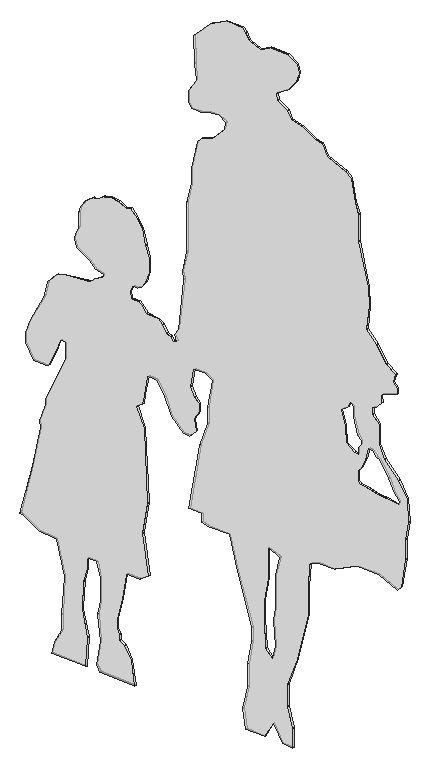
Revit family "Flat Mum and Girl 01", category Entourage, Revit 2015
Parameters
  Flat Material [instance] = none
  Height = 0 mm
Reference planes
  plane 1 "Center (Front/Back)": y = 0
  plane 2: z = 0
  plane 3 "Center (Left/Right)": x = 0
Forms (mm)
  Extrusion 1, solid, material <- "Flat Material"
    sketch origin (0, 0, 0) x (1, 0, 0) y (0, 0, 1)
      loop
        line (-306.618, 0) -> (-301.386, 74.817) -> (-317.111, 137.887) -> (-312.228, 207.716) -> (-303.514, 242.666) -> (-303.514, 268.776) -> (-277.049, 268.776) -> (-267.631, 231) -> (-267.631, 176) -> (-273.708, 141.531) -> (-267.631, 75.604) -> (-278.05, 16.516) -> (-268.514, 0) -> (-172.204, 0) -> (-182.698, 59.516) -> (-200.198, 89.827) -> (-213.73, 97.64) -> (-213.73, 113.265) -> (-220.772, 125.461) -> (-220.772, 147.555) -> (-207.466, 200.922) -> (-195.741, 267.418) -> (-158.718, 267.418) -> (-133.558, 283.757) -> (-150.923, 382.238) -> (-136.713, 462.826) -> (-146.198, 643.813) -> (-167.142, 688.728) -> (-150.369, 699.621) -> (-146.028, 724.241) -> (-137.345, 773.482) -> (-112.345, 773.482) -> (-90.56, 739.935) -> (-71.658, 699.399) -> (-39.838, 667.579) -> (-20.929, 667.579) -> (-3.251, 685.257) -> (-8.461, 714.801) -> (4.039, 736.451) -> (4.039, 756.451) -> (-7.094, 767.585) -> (-18.358, 791.74) -> (-10.544, 836.056) -> (21.931, 836.056) -> (39.969, 825.642) -> (27.814, 756.705) -> (27.814, 716.453) -> (5.582, 655.373) -> (-23.938, 487.955) -> (11.062, 487.955) -> (11.062, 467.955) -> (31.635, 462.826) -> (86.635, 462.826) -> (108.449, 381.417) -> (148.621, 257.78) -> (148.621, 222.78) -> (138.202, 163.692) -> (138.202, 107.659) -> (123.865, 50.157) -> (132.709, 0) -> (183.811, 0) -> (208.26, 42.347) -> (232.709, 0) -> (260.877, 0) -> (260.877, 48.63) -> (247.709, 97.774) -> (247.709, 150.734) -> (273.361, 221.211) -> (303.601, 342.497) -> (303.601, 407.741) -> (307.786, 467.595) -> (330.572, 478.22) -> (375.572, 478.22) -> (439.013, 507.804) -> (499.013, 507.804) -> (548.888, 489.651) -> (559.303, 500.066) -> (572.175, 573.069) -> (572.175, 621.721) -> (579.989, 666.037) -> (575.196, 720.828) -> (552.696, 759.799) -> (513.805, 798.69) -> (499.013, 830.411) -> (499.013, 860.411) -> (499.013, 880.161) -> (481.336, 897.838) -> (481.336, 915.287) -> (491.376, 918.942) -> (505.518, 933.084) -> (503.737, 953.435) -> (548.588, 969.759) -> (548.588, 984.759) -> (537.981, 995.366) -> (543.947, 1017.631) -> (519.677, 1035.264) -> (492.05, 1074.718) -> (465.165, 1101.603) -> (471.437, 1161.275) -> (468.298, 1206.165) -> (442.321, 1310.352) -> (442.321, 1375.352) -> (432.26, 1402.995) -> (422.709, 1457.16) -> (407.024, 1470.321) -> (356.4, 1487.832) -> (342.24, 1515.623) -> (322.544, 1519.096) -> (287.903, 1539.096) -> (256.539, 1544.626) -> (247.459, 1562.446) -> (219.895, 1578.36) -> (217.844, 1595.759) -> (248.155, 1613.259) -> (271.994, 1642.698) -> (279.303, 1666.605) -> (273.863, 1686.909) -> (247.882, 1701.909) -> (200.064, 1701.909) -> (172.323, 1687.774) -> (141.249, 1697.274) -> (132.169, 1715.094) -> (123.074, 1724.189) -> (78.074, 1724.189) -> (35.863, 1702.682) -> (-10.099, 1656.72) -> (-7.757, 1589.652) -> (-4.27, 1549.804) -> (-25.467, 1515.882) -> (-25.467, 1488.31) -> (-17.28, 1474.128) -> (8.969, 1474.128) -> (27.763, 1480.969) -> (59.445, 1483.741) -> (77.966, 1475.104) -> (73.458, 1455.954) -> (39.703, 1422.199) -> (11.512, 1411.938) -> (-0.094, 1400.332) -> (-17.28, 1327.328) -> (-17.28, 1289.633) -> (-29.122, 1239.328) -> (-29.122, 1119.328) -> (-41.61, 1066.281) -> (-37.823, 1048.465) -> (-53.666, 919.434) -> (-63.967, 902.291) -> (-57.627, 888.696) -> (-66.69, 884.47) -> (-73.83, 895.464) -> (-84.461, 899.334) -> (-96.149, 917.33) -> (-107.987, 925.619) -> (-139.188, 928.349) -> (-154.481, 945.942) -> (-161.352, 950.753) -> (-182.456, 950.753) -> (-185.316, 966.972) -> (-178.458, 981.68) -> (-165.275, 981.68) -> (-155.097, 985.587) -> (-141.721, 1004.689) -> (-132.087, 1031.159) -> (-132.087, 1066.159) -> (-142.838, 1094.167) -> (-151.155, 1133.293) -> (-165.013, 1153.084) -> (-183.184, 1171.255) -> (-197.956, 1168.65) -> (-216.75, 1175.491) -> (-237.623, 1179.171) -> (-257.319, 1175.698) -> (-278.417, 1160.925) -> (-287.031, 1160.925) -> (-307.51, 1146.586) -> (-320.594, 1127.899) -> (-326.495, 1111.688) -> (-326.495, 1074.19) -> (-336.191, 1056.698) -> (-338.796, 1041.926) -> (-332.398, 1022.977) -> (-297.413, 1003.584) -> (-279.736, 985.907) -> (-259.098, 982.268) -> (-259.098, 976.809) -> (-284.163, 962.338) -> (-293.752, 952.748) -> (-363.944, 944.13) -> (-386.462, 936.528) -> (-411.091, 911.899) -> (-422.737, 868.432) -> (-459.737, 801.683) -> (-473.181, 764.608) -> (-473.181, 739.934) -> (-451.476, 702.34) -> (-418.884, 702.34) -> (-408.957, 705.691) -> (-385.693, 755.58) -> (-377.142, 779.073) -> (-363.944, 776.745) -> (-363.944, 738.027) -> (-418.884, 620.207) -> (-418.884, 605.207) -> (-435.129, 560.409) -> (-431.5, 545.854) -> (-453.331, 443.149) -> (-488.271, 312.749) -> (-478.271, 312.749) -> (-434.97, 287.749) -> (-387.588, 284.435) -> (-366.66, 200.501) -> (-373.287, 105.732) -> (-373.287, 65.732) -> (-393.287, 31.091) -> (-401.618, 0) -> (-306.618, 0)
      loop
        line (205.664, 201.863) -> (213.248, 232.281) -> (207.17, 294.183) -> (213.248, 328.651) -> (213.248, 408.651) -> (225.344, 457.166) -> (194.027, 468.564) -> (194.027, 393.564) -> (183.877, 336) -> (183.877, 290.85) -> (187.593, 219.934) -> (205.664, 201.863)
      loop
        line (418.537, 903.999) -> (412.04, 890.066) -> (394.719, 880.066) -> (405.072, 841.429) -> (408.516, 802.068) -> (431.659, 785.864) -> (441.659, 785.864) -> (441.659, 802.21) -> (449.742, 813.755) -> (449.742, 823.882) -> (439.579, 830.999) -> (427.932, 874.466) -> (427.932, 899.618) -> (418.537, 903.999)
      loop
        line (479.77, 809.693) -> (470.008, 809.693) -> (462.243, 780.715) -> (449.742, 753.907) -> (441.659, 745.823) -> (441.659, 719.324) -> (447.827, 713.155) -> (464.205, 711.722) -> (499.013, 705.51) -> (519.013, 705.51) -> (551.39, 699.731) -> (553.978, 709.391) -> (539.836, 723.533) -> (525.044, 755.253) -> (499.013, 793.846) -> (492.649, 796.814) -> (479.77, 809.693)
    from -2.5 to 2.5
Lines and regions (mm)
  model lines
    curve 1: line (0, 148, 0) -> (0, -152, 0)
    curve 2: line (148.202, -0.202, 0) -> (-151.798, -0.202, 0)
Dimensions and locks
  aligned and locked: level to plane 2
